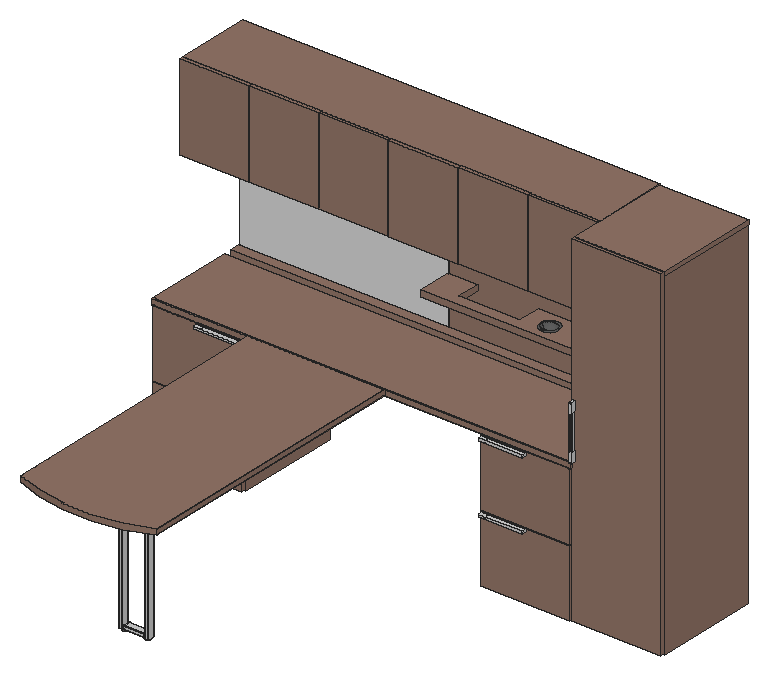
Revit family "FLV004", category Furniture, Revit 2015 (continued)
Definition of nested family "JSI-Flux-Wall_Mount_OH_Cab"
  Lines and regions (in)
    symbolic lines
      curve 13: line (-4.06413, -4.3125, 0) -> (-4.06413, -5.0625, 0)
      curve 14: line (11.81087, -5.0625, 0) -> (11.81087, -4.3125, 0)
      curve 15: line (11.81087, -4.3125, 0) -> (-4.06413, -4.3125, 0)
      curve 16: line (-4.06413, -5.0625, 0) -> (11.81087, -5.0625, 0)
      curve 17: line (11.93587, -4.3125, 0) -> (11.93587, -5.0625, 0)
      curve 18: line (27.81087, -5.0625, 0) -> (27.81087, -4.3125, 0)
      curve 19: line (27.81087, -4.3125, 0) -> (11.93587, -4.3125, 0)
      curve 20: line (11.93587, -5.0625, 0) -> (27.81087, -5.0625, 0)
      curve 21: line (27.93587, -4.3125, 0) -> (27.93587, -5.0625, 0)
      curve 22: line (43.81087, -5.0625, 0) -> (43.81087, -4.3125, 0)
      curve 23: line (43.81087, -4.3125, 0) -> (27.93587, -4.3125, 0)
      curve 24: line (27.93587, -5.0625, 0) -> (43.81087, -5.0625, 0)
      curve 25: line (43.93587, -4.3125, 0) -> (43.93587, -5.0625, 0)
      curve 26: line (59.81087, -5.0625, 0) -> (59.81087, -4.3125, 0)
      curve 27: line (59.81087, -4.3125, 0) -> (43.93587, -4.3125, 0)
      curve 28: line (43.93587, -5.0625, 0) -> (59.81087, -5.0625, 0)
    symbolic lines, detail levels medium+fine
      curve 29: line (-35.31413, 9.1875, 0) -> (59.06087, 9.1875, 0)
      curve 30: line (59.06087, 9.1875, 0) -> (59.06087, 9.9375, 0)
      curve 31: line (59.06087, 9.9375, 0) -> (-35.31413, 9.9375, 0)
      curve 32: line (-35.31413, 9.9375, 0) -> (-35.31413, 9.1875, 0)
      curve 33: line (59.06087, 10.75, 0) -> (59.06087, -4.25, 0)
      curve 34: line (-35.31413, -4.25, 0) -> (-35.31413, 10.75, 0)
    symbolic lines, visible <- "Partition-L", detail levels medium+fine
      curve 35: line (-3.75163, -4.25, 0) -> (-3.75163, 9.1875, 0)
      curve 36: line (-3.75163, 9.1875, 0) -> (-4.50163, 9.1875, 0)
      curve 37: line (-4.50163, 9.1875, 0) -> (-4.50163, -4.25, 0)
      curve 38: line (-4.50163, -4.25, 0) -> (-3.75163, -4.25, 0)
    symbolic lines, visible <- "Partition-R", detail levels medium+fine
      curve 39: line (28.24837, -4.25, 0) -> (28.24837, 9.1875, 0)
      curve 40: line (28.24837, 9.1875, 0) -> (27.49837, 9.1875, 0)
      curve 41: line (27.49837, 9.1875, 0) -> (27.49837, -4.25, 0)
      curve 42: line (27.49837, -4.25, 0) -> (28.24837, -4.25, 0)
  Dimensions and locks (in)
    "Width": plane 2 "Center (Left/Right)" to plane 6
    "Depth": plane 16 to plane 3 "Center (Front/Back)"
    plane 12 to plane 13 to plane 14 to plane 15 = 0' - 0 3/4" locked, 0' - 0 1/16" locked, 0' - 2 3/16" locked
    locked: plane 16 to plane 12 at 0.0625
    locked: plane 2 "Center (Left/Right)" to plane 5 at 0.75
    locked: plane 8 to plane 9 at 0.75
    locked: plane 11 to plane 10 at 0.75
    locked: plane 7 to plane 6 at 0.75
    equal spacing: plane 2 "Center (Left/Right)", plane 17, plane 6
    "Height": plane 23 to plane 18
    "OH Elevation": plane 18 to plane 1
    plane 23 to plane 22 to plane 37 = 0' - 0 3/4" locked, 0' - 5 3/16" locked
    locked: plane 20 to plane 19 at 1.1875
    "Level of Base Shelve": plane 19 to plane 18
    plane 19 to plane 21 to plane 28 = 0' - 0 1/4" locked, 0' - 0 1/4" locked
    locked: plane 24 to plane 4 at 0.0625
    "Partition Distance_L": plane 2 "Center (Left/Right)" to plane 8
    "Partition Distance_R": plane 10 to plane 6
    plane 2 "Center (Left/Right)" to plane 29 = 0' - 0 3/4"
    equal spacing: group 1, group 2, group 5, group 6, group 9, group 10  (x3)
    "Door Width": Extrusion 8 sketch curve to Extrusion 8 sketch curve
    "Door Width": Extrusion 9 sketch curve to Extrusion 9 sketch curve
    equal spacing: group 3, group 4, group 7, group 8, group 11, group 12  (x3)
    "Door Array Distance": Extrusion 8 to Extrusion 9
    "Wiring Hole Dist": plane 2 "Center (Left/Right)" to plane 35
    "Wiring Hole Dist": plane 36 to plane 6
    "Door Width": Extrusion 10 sketch curve to Extrusion 10 sketch curve
    "Door Width": Extrusion 11 sketch curve to Extrusion 11 sketch curve
    plane 24 to plane 25 to plane 3 "Center (Front/Back)" = 0' - 0 3/4" locked, 0' - 0 13/16" locked
    locked: plane 22 to plane 38 at 3
    locked: plane 2 "Center (Left/Right)" to plane 39 at 1.75
    locked: plane 40 to plane 6 at 1.75
    "Door Width": Extrusion 14 sketch curve to Extrusion 14 sketch curve
    "Door Width": Extrusion 15 sketch curve to Extrusion 15 sketch curve
    aligned and locked: level to plane 1
    aligned and locked: Extrusion 1 sketch curve to plane 2 "Center (Left/Right)"
    aligned and locked: Extrusion 1 sketch curve to plane 5
    aligned and locked: Extrusion 1 sketch curve to plane 3 "Center (Front/Back)"
    aligned and locked: Extrusion 1 sketch curve to plane 14
    aligned and locked: Extrusion 2 sketch curve to plane 7
    aligned and locked: Extrusion 2 sketch curve to plane 6
    aligned and locked: Extrusion 2 sketch curve to plane 3 "Center (Front/Back)"
    aligned and locked: Extrusion 2 sketch curve to plane 14
    aligned and locked: plane 22 to Extrusion 1
    aligned and locked: plane 22 to Extrusion 2
    aligned and locked: Extrusion 1 to plane 18
    aligned and locked: Extrusion 2 to plane 18
    aligned and locked: Extrusion 3 sketch curve to plane 22
    aligned and locked: Extrusion 3 sketch curve to plane 23
    aligned and locked: Extrusion 3 sketch curve to plane 2 "Center (Left/Right)"
    aligned and locked: Extrusion 3 sketch curve to plane 6
    aligned and locked: Extrusion 4 sketch curve to plane 20
    aligned and locked: Extrusion 4 sketch curve to plane 19
    aligned and locked: Extrusion 4 sketch curve to plane 5
    aligned and locked: Extrusion 4 sketch curve to plane 7
    aligned and locked: Extrusion 3 to plane 3 "Center (Front/Back)"
    aligned and locked: plane 14 to Extrusion 3
    aligned and locked: Extrusion 4 to plane 24
    aligned and locked: plane 14 to Extrusion 4
    aligned and locked: Extrusion 5 sketch curve to plane 22
    aligned and locked: Extrusion 5 sketch curve to plane 5
    aligned and locked: Extrusion 5 sketch curve to plane 7
    aligned and locked: Extrusion 5 sketch curve to plane 18
    aligned and locked: Extrusion 5 to plane 25
    aligned and locked: plane 24 to Extrusion 5
    aligned and locked: Extrusion 6 sketch curve to plane 8
    aligned and locked: Extrusion 6 sketch curve to plane 9
    aligned and locked: Extrusion 6 sketch curve to plane 24
    aligned and locked: Extrusion 6 sketch curve to plane 14
    aligned and locked: Extrusion 7 sketch curve to plane 11
    aligned and locked: Extrusion 7 sketch curve to plane 10
    aligned and locked: Extrusion 7 sketch curve to plane 24
    aligned and locked: Extrusion 7 sketch curve to plane 14
    aligned and locked: plane 22 to Extrusion 6
    aligned and locked: Extrusion 6 to plane 20
    aligned and locked: plane 22 to Extrusion 7
    aligned and locked: Extrusion 7 to plane 20
    aligned and locked: Extrusion 8 to plane 13
    aligned and locked: plane 12 to Extrusion 8
    aligned and locked: Extrusion 8 to plane 2 "Center (Left/Right)"
    aligned and locked: curve 1 to Extrusion 8
    aligned and locked: curve 2 to Extrusion 9
    aligned and locked: curve 3 to Extrusion 8
    aligned and locked: curve 4 to Extrusion 9
    aligned and locked: curve 5 to Extrusion 8
    aligned and locked: curve 6 to Extrusion 8
    aligned and locked: curve 7 to Extrusion 9
    aligned and locked: curve 8 to Extrusion 9
    aligned and locked: plane 17 to nested 1
    aligned and locked: plane 12 to nested 1
    aligned and locked: curve 9 to plane 2 "Center (Left/Right)"
    aligned and locked: curve 10 to plane 3 "Center (Front/Back)"
    aligned and locked: curve 11 to plane 6
    aligned and locked: curve 12 to plane 14
    aligned and locked: Extrusion 8 to plane 21
    aligned and locked: Extrusion 9 to plane 21
    aligned and locked: curve 13 to Extrusion 10
    aligned and locked: curve 14 to Extrusion 10
    aligned and locked: curve 15 to Extrusion 10
    aligned and locked: curve 16 to Extrusion 10
    aligned and locked: curve 17 to Extrusion 11
    aligned and locked: curve 18 to Extrusion 11
    aligned and locked: curve 19 to Extrusion 11
    aligned and locked: curve 20 to Extrusion 11
    aligned and locked: plane 3 "Center (Front/Back)" to Extrusion 12 sketch curve
    aligned and locked: plane 25 to Extrusion 12 sketch curve
    aligned and locked: plane 22 to Extrusion 12 sketch curve
    aligned and locked: plane 38 to Extrusion 12 sketch curve
    aligned and locked: plane 3 "Center (Front/Back)" to Extrusion 13 sketch curve
    aligned and locked: plane 25 to Extrusion 13 sketch curve
    aligned and locked: plane 38 to Extrusion 13 sketch curve
    aligned and locked: plane 37 to Extrusion 13 sketch curve
    aligned and locked: Extrusion 12 to plane 29
    aligned and locked: Extrusion 13 to plane 39
    aligned and locked: plane 34 to Extrusion 12
    aligned and locked: plane 40 to Extrusion 13
    aligned and locked: plane 34 to plane 7
    aligned and locked: curve 21 to Extrusion 14
    aligned and locked: curve 22 to Extrusion 14
    aligned and locked: curve 23 to Extrusion 14
    aligned and locked: curve 24 to Extrusion 14
    aligned and locked: curve 25 to Extrusion 15
    aligned and locked: curve 26 to Extrusion 15
    aligned and locked: curve 27 to Extrusion 15
    aligned and locked: curve 28 to Extrusion 15
    aligned and locked: curve 29 to Extrusion 5
    aligned and locked: curve 30 to Extrusion 5
    aligned and locked: curve 31 to Extrusion 5
    aligned and locked: curve 32 to Extrusion 5
    aligned and locked: curve 33 to Extrusion 2
    aligned and locked: curve 34 to Extrusion 1
    aligned and locked: curve 35 to Extrusion 6
    aligned and locked: curve 36 to Extrusion 6
    aligned and locked: curve 37 to Extrusion 6
    aligned and locked: curve 38 to Extrusion 6
    aligned and locked: curve 39 to Extrusion 7
    aligned and locked: curve 40 to Extrusion 7
    aligned and locked: curve 41 to Extrusion 7
    aligned and locked: curve 42 to Extrusion 7
    aligned and locked: plane 3 "Center (Front/Back)" to curve 34
    aligned and locked: plane 14 to curve 34
    aligned and locked: plane 14 to curve 33
    aligned and locked: plane 3 "Center (Front/Back)" to curve 33
  Automatic sketch dimensions
    Extrusion 8 sketch curve to Extrusion 8 sketch curve = 1' - 5 1/4"
    Extrusion 9 sketch curve to Extrusion 9 sketch curve = 1' - 5 1/4"
    curve 1 to curve 5 = 1' - 3 7/8"
    curve 6 to curve 3 = 0' - 0 3/4"
    curve 2 to curve 7 = 1' - 3 7/8"
    curve 8 to curve 4 = 0' - 0 3/4"
    Extrusion 10 sketch curve to Extrusion 10 sketch curve = 1' - 5 1/4"
    curve 13 to curve 15 = 1' - 3 7/8"
    curve 16 to curve 14 = 0' - 0 3/4"
    Extrusion 11 sketch curve to Extrusion 11 sketch curve = 1' - 5 1/4"
    curve 17 to curve 19 = 1' - 3 7/8"
    curve 20 to curve 18 = 0' - 0 3/4"
    Extrusion 14 sketch curve to Extrusion 14 sketch curve = 1' - 5 1/4"
    curve 21 to curve 23 = 1' - 3 7/8"
    curve 24 to curve 22 = 0' - 0 3/4"
    Extrusion 15 sketch curve to Extrusion 15 sketch curve = 1' - 5 1/4"
    curve 25 to curve 27 = 1' - 3 7/8"
    curve 28 to curve 26 = 0' - 0 3/4"
  Nested families (in)
    nested 1: "Label 1-16 OH" at (11.87337, -5.0625, 0), type "OH DOORS"
  Definition of nested family "Label 1-16 OH"
    Parameters
      Width = 0' - 1"
      Model Name = "6 Doors"
    Reference planes (in)
      plane 1: y = 0
      plane 2: x = 0
    Text (in)
      label "XX" at (0.00051, -0.12324, 0), shows "Model Name"
Definition of nested family "JSI-Flux-Wall_Mount_Tack_Panel"
  Parameters (values of type "Type Catalog - Wall Mount Tack Board")
    Width = 2' - 4 1/4"
    URL = "www.jsifurniture.com"
    Type Comments = ""
    TAG = ""
    Support Width = if(Width > 3' 3", 2' 6", (if(Width > 2' 9", 2' 0", (if(Width > 2' 0", 1' 6", (if(Width > 1' 6", 1' 0", 0' 7")))))))  # 1' - 6"
    Support Height = if(Height > 3' 5", 0' 7 1/2", if(Height > 2' 8", 0' 11 1/2", 0' 2 1/4"))  # 0' - 2 1/4"
    Support = none
    Series = "FLUX"  # constant formula
    OH Elevation = 2' - 5"
    Model = ""
    Manufacturer = "JSI"  # constant formula
    Keynote = "12500"
    JSI Enviromental Website = "http://www.jsifurniture.com/jsi_sustainability_intro.php"
    Height = 2' - 6"
    Tackboard = none
    Description = "Wall Mount Tack Board"
    Depth = 0' - 1 1/2"
    Chassis = none
    Assembly Code = "E2020200"
  Reference planes (in)
    plane 1: z = 0
    plane 2 "Center (Left/Right)": x = -36.06413
    plane 3 "Center (Front/Back)": y = 10.75
    plane 4: x = -7.81413
    plane 5: y = 10
    plane 6: y = 9.25
    plane 7: x = -21.93913
    plane 8: x = -33.06413
    plane 9: x = -10.81413
    plane 10: z = 59
    plane 11: z = 58.75
    plane 12: z = 55.75
    plane 13: z = 53.5
    plane 14: z = 31.25
    plane 15: z = 33.5
    plane 16: z = 54.25
    plane 17: z = 32
    plane 18: x = -30.93913
    plane 19: x = -12.93913
    plane 20: z = 29
  Forms (in)
    Extrusion 1, solid, material <- "Tackboard"
      sketch origin (0, 0, 0) x (1, 0, 0) y (0, 1, 0)
        loop
          line (-7.81413, 10) -> (-36.06413, 10) -> (-36.06413, 9.25) -> (-7.81413, 9.25) -> (-7.81413, 10)
      from 29 to 58.75
    Extrusion 2, solid, material <- "Chassis"
      sketch origin (0, 0, 0) x (1, 0, 0) y (0, 1, 0)
        loop
          line (-36.06413, 10.75) -> (-36.06413, 10) -> (-33.06413, 10) -> (-33.06413, 10.75) -> (-36.06413, 10.75)
      from 29 to 58.75
    Extrusion 3, solid, material <- "Chassis"
      sketch origin (0, 0, 0) x (1, 0, 0) y (0, 1, 0)
        loop
          line (-10.81413, 10.75) -> (-10.81413, 10) -> (-7.81413, 10) -> (-7.81413, 10.75) -> (-10.81413, 10.75)
      from 29 to 58.75
    Extrusion 4, solid, material <- "Chassis"
      sketch origin (0, 0, 0) x (0, 1, 0) y (0, 0, 1)
        loop
          line (10.75, 58.75) -> (10, 58.75) -> (10, 55.75) -> (10.75, 55.75) -> (10.75, 58.75)
      from -33.06413 to -10.81413
    Extrusion 5, solid, material <- "Support"
      sketch origin (0, 0, 0) x (0, 1, 0) y (0, 0, 1)
        loop
          line (10.75, 54.25) -> (10.75, 55.75) -> (10, 55.75) -> (10, 54.25) -> (10.75, 54.25)
      from -30.93913 to -12.93913
    Extrusion 6, solid, material <- "Support"
      sketch origin (0, 0, 0) x (0, 1, 0) y (0, 0, 1)
        loop
          line (10.75, 54.25) -> (10, 54.25) -> (10, 53.5) -> (10.75, 53.5) -> (10.75, 54.25)
      from -30.93913 to -12.93913
    Extrusion 7, solid, material <- "Support"
      sketch origin (0, 0, 0) x (0, 1, 0) y (0, 0, 1)
        loop
          line (10.75, 33.5) -> (10, 33.5) -> (10, 32) -> (10.75, 32) -> (10.75, 33.5)
      from -30.93913 to -12.93913
    Extrusion 8, solid, material <- "Support"
      sketch origin (0, 0, 0) x (0, 1, 0) y (0, 0, 1)
        loop
          line (10.75, 32) -> (10, 32) -> (10, 31.25) -> (10.75, 31.25) -> (10.75, 32)
      from -30.93913 to -12.93913
  Lines and regions (in)
    symbolic lines
      curve 1: line (-36.06413, 10.75, 0) -> (-36.06413, 9.25, 0)
      curve 2: line (-7.81413, 10.75, 0) -> (-7.81413, 9.25, 0)
      curve 3: line (-7.81413, 10.75, 0) -> (-36.06413, 10.75, 0)
      curve 4: line (-7.81413, 9.25, 0) -> (-36.06413, 9.25, 0)
  Dimensions and locks (in)
    locked: plane 5 to plane 3 "Center (Front/Back)" at 0.75
    "Depth": plane 6 to plane 3 "Center (Front/Back)"
    "Width": plane 2 "Center (Left/Right)" to plane 4
    equal spacing: plane 2 "Center (Left/Right)", plane 7, plane 4
    locked: plane 2 "Center (Left/Right)" to plane 8 at 3
    locked: plane 9 to plane 4 at 3
    plane 10 to plane 11 to plane 12 = 0' - 0 1/4" locked, 0' - 3" locked
    locked: plane 12 to plane 13 at 2.25
    locked: plane 15 to plane 14 at 2.25
    locked: plane 15 to plane 17 at 1.5
    locked: plane 12 to plane 16 at 1.5
    "Support Width": plane 18 to plane 19
    equal spacing: plane 18, plane 7, plane 19
    "OH Elevation": plane 20 to plane 1
    "Height": plane 10 to plane 20
    "Support Height": plane 14 to plane 20
    aligned and locked: level to plane 1
    aligned and locked: Extrusion 1 sketch curve to plane 5
    aligned and locked: Extrusion 1 sketch curve to plane 6
    aligned and locked: Extrusion 1 sketch curve to plane 2 "Center (Left/Right)"
    aligned and locked: Extrusion 1 sketch curve to plane 4
    aligned and locked: plane 11 to Extrusion 1
    aligned and locked: Extrusion 1 to plane 20
    aligned and locked: Extrusion 2 sketch curve to plane 2 "Center (Left/Right)"
    aligned and locked: Extrusion 2 sketch curve to plane 8
    aligned and locked: Extrusion 2 sketch curve to plane 5
    aligned and locked: Extrusion 2 sketch curve to plane 3 "Center (Front/Back)"
    aligned and locked: Extrusion 3 sketch curve to plane 9
    aligned and locked: Extrusion 3 sketch curve to plane 4
    aligned and locked: Extrusion 3 sketch curve to plane 5
    aligned and locked: Extrusion 3 sketch curve to plane 3 "Center (Front/Back)"
    aligned and locked: plane 11 to Extrusion 2
    aligned and locked: plane 11 to Extrusion 3
    aligned and locked: Extrusion 2 to plane 20
    aligned and locked: Extrusion 3 to plane 20
    aligned and locked: plane 11 to Extrusion 4 sketch curve
    aligned and locked: plane 12 to Extrusion 4 sketch curve
    aligned and locked: plane 3 "Center (Front/Back)" to Extrusion 4 sketch curve
    aligned and locked: plane 5 to Extrusion 4 sketch curve
    aligned and locked: Extrusion 4 to plane 8
    aligned and locked: plane 9 to Extrusion 4
    aligned and locked: plane 16 to Extrusion 5 sketch curve
    aligned and locked: plane 12 to Extrusion 5 sketch curve
    aligned and locked: plane 5 to Extrusion 5 sketch curve
    aligned and locked: plane 3 "Center (Front/Back)" to Extrusion 5 sketch curve
    aligned and locked: plane 16 to Extrusion 6 sketch curve
    aligned and locked: plane 13 to Extrusion 6 sketch curve
    aligned and locked: plane 3 "Center (Front/Back)" to Extrusion 6 sketch curve
    aligned and locked: plane 5 to Extrusion 6 sketch curve
    aligned and locked: plane 15 to Extrusion 7 sketch curve
    aligned and locked: plane 17 to Extrusion 7 sketch curve
    aligned and locked: plane 3 "Center (Front/Back)" to Extrusion 7 sketch curve
    aligned and locked: plane 5 to Extrusion 7 sketch curve
    aligned and locked: plane 17 to Extrusion 8 sketch curve
    aligned and locked: plane 14 to Extrusion 8 sketch curve
    aligned and locked: plane 3 "Center (Front/Back)" to Extrusion 8 sketch curve
    aligned and locked: plane 5 to Extrusion 8 sketch curve
    aligned and locked: Extrusion 5 to plane 18
    aligned and locked: Extrusion 6 to plane 18
    aligned and locked: plane 19 to Extrusion 5
    aligned and locked: plane 19 to Extrusion 6
    aligned and locked: Extrusion 8 to plane 18
    aligned and locked: Extrusion 7 to plane 18
    aligned and locked: plane 19 to Extrusion 8
    aligned and locked: plane 19 to Extrusion 7
    aligned and locked: curve 1 to plane 2 "Center (Left/Right)"
    aligned and locked: curve 2 to plane 4
    aligned and locked: curve 3 to plane 3 "Center (Front/Back)"
    aligned and locked: curve 4 to plane 6
Definition of nested family "JSI-Flux-Workwall_Panel"
  Parameters (values of type "Type Catalog - Workwall Panel")
    Width = 3' - 6"
    URL = "www.jsifurniture.com"
    Type Comments = ""
    Tray = if(Tray_V_Dist < Depth, 2 > 1, 1 > 2)  # yes
    Tray_V_Dist = if(L_Bracket, (Depth + 0' 2"), (if(R_Bracket, (Depth + 0' 2"), (if(Acc, Cup Dist, Depth + 0' 2")))))  # 0' - 3 33/64"
    Tr = yes
    TAG = ""
    Support Width = if(Width > 3' 3", 2' 6", (if(Width > 2' 9", 2' 0", (if(Width > 2' 0", 1' 6", (if(Width > 1' 6", 1' 0", 0' 7")))))))  # 2' - 6"
    Support Height = if(Height > 3' 5", 0' 7 1/2", if(Height > 2' 8", 0' 11 1/2", 0' 2 1/4"))  # 0' - 2 1/4"
    Support = none
    Shelf = none
    Series = "FLUX"  # constant formula
    Tray_H_Dist = if(R, (Clip Dist + 0' 10 31/32"), (Clip Dist - 0' 10 31/32"))  # 1' - 0 1/32"
    R_Bracket_V_Dist = if(R_Bracket, 0' 0", Depth + 0' 2")  # 0' - 10 17/32"
    R_Bracket Dist = L_Bracket Dist  # 0' - 5 13/16"
    R_Bracket = no
    OH Elevation = 2' - 5"
    Model = ""
    Manufacturer = "JSI"  # constant formula
    L_Bracket_V_Dist = if(L_Bracket, 0' 0", Depth + 0' 2")  # 0' - 10 17/32"
    L_Bracket = no
    R = no
    Keynote = "12500"
    JSI Enviromental Website = "http://www.jsifurniture.com/jsi_sustainability_intro.php"
    Height = 2' - 0"
    Panel = none
    Description = ""
    Depth = 0' - 8 17/32"
    Cup Dist = if(Acc, 0' 3 33/64", Depth + 0' 2")  # 0' - 3 33/64"
    Cup_H_Dist = if(R, (if(Width > 3' 3", 0' 9", (if(Width > 3' 0", 0' 8", (if(Width > 2' 9", 0' 7", (if(Width > 2' 6", 0' 6", 0' 5")))))))), (if(Width > 3' 3", (Width - 0' 9"), (if(Width > 3' 0", (Width - 0' 8"), (if(Width > 2' 9", (Width - 0' 7"), (if(Width > 2' 6", (Width - 0' 6"), (Width - 0' 5"))))))))))  # 2' - 9"
    Cup = if(Cup Dist < Depth, 2 > 1, 1 > 2)  # yes
    Clip = if(Cup Dist < Depth, 2 > 1, 1 > 2)  # yes
    Chassis = none
    Clip Dist = if(R, ((Cup_H_Dist * 2) + 0' 1"), (Cup_H_Dist - (if(Width > 3' 3", 0' 10", (if(Width > 3' 0", 0' 9", (if(Width > 2' 9", 0' 8", (if(Width > 2' 6", 0' 7", 0' 6"))))))))))  # 1' - 11"
    Bracket Width = 1' - 0 1/4"
    L_Bracket Dist = (if(Width > 3' 3", 0' 5 13/16", (if(Width > 3' 0", 0' 4 13/16", (if(Width > 2' 9", 0' 3 13/16", (if(Width > 2' 6", 0' 2 13/16", 0' 1 13/16"))))))))  # 0' - 5 13/16"
    Bracket Depth = 0' - 4 3/4"
    Assembly Code = "E2020200"
    Accessories = none
    Acc = yes
  Reference planes (in)
    plane 1: z = 0
    plane 2 "Center (Left/Right)": x = -36.06413
    plane 3 "Center (Front/Back)": y = 10.75
    plane 4: x = 5.93587
    plane 5: y = 10
    plane 6: y = 9.25
    plane 7: x = -15.06413
    plane 8: x = -33.06413
    plane 9: x = 2.93587
    plane 10: z = 53
    plane 11: z = 52.5
    plane 12: z = 49.5
    plane 13: z = 47.25
    plane 14: z = 31.25
    plane 15: z = 33.5
    plane 16: z = 48
    plane 17: z = 32
    plane 18: x = -30.06413
    plane 19: x = -0.06413
    plane 20: z = 29
    plane 21: z = 38.28125
    plane 22: z = 39.46875
    plane 23: y = 2.21875
    plane 24: x = -3.06413
    plane 25: x = -13.06413
    plane 26: x = -24.03288
    plane 27: y = 5.73437
    plane 28: x = -28.67351
    plane 29: x = -19.39226
    plane 30: x = -27.04851
    plane 31: x = -21.01726
    plane 32: y = 7.35937
    plane 33: y = 4.10937
    plane 34: y = -6.03125
    plane 35: x = -30.25163
    plane 36: x = -18.00163
    plane 37: x = -12.12663
    plane 38: x = 0.12337
    plane 39: y = -1.28125
    plane 40: y = -6.03125
    plane 41: y = -1.28125
    plane 42: y = 5.73437
  Forms (in)
    Extrusion 1, solid, material <- "Panel"
      sketch origin (0, 0, 0) x (1, 0, 0) y (0, 1, 0)
        loop
          line (5.93587, 10) -> (-36.06413, 10) -> (-36.06413, 9.25) -> (5.93587, 9.25) -> (5.93587, 10)
      from 29 to 52.5
    Extrusion 2, solid, material <- "Chassis"
      sketch origin (0, 0, 0) x (1, 0, 0) y (0, 1, 0)
        loop
          line (-36.06413, 10.75) -> (-36.06413, 10) -> (-33.06413, 10) -> (-33.06413, 10.75) -> (-36.06413, 10.75)
      from 29 to 52.5
    Extrusion 3, solid, material <- "Chassis"
      sketch origin (0, 0, 0) x (1, 0, 0) y (0, 1, 0)
        loop
          line (2.93587, 10.75) -> (2.93587, 10) -> (5.93587, 10) -> (5.93587, 10.75) -> (2.93587, 10.75)
      from 29 to 52.5
    Extrusion 4, solid, material <- "Support"
      sketch origin (0, 0, 0) x (0, 1, 0) y (0, 0, 1)
        loop
          line (10.75, 52.5) -> (10, 52.5) -> (10, 49.5) -> (10.75, 49.5) -> (10.75, 52.5)
      from -33.06413 to 2.93587
    Extrusion 5, solid, material <- "Support"
      sketch origin (0, 0, 0) x (0, 1, 0) y (0, 0, 1)
        loop
          line (10.75, 48) -> (10.75, 49.5) -> (10, 49.5) -> (10, 48) -> (10.75, 48)
      from -30.06413 to -0.06413
    Extrusion 6, solid, material <- "Support"
      sketch origin (0, 0, 0) x (0, 1, 0) y (0, 0, 1)
        loop
          line (10.75, 48) -> (10, 48) -> (10, 47.25) -> (10.75, 47.25) -> (10.75, 48)
      from -30.06413 to -0.06413
    Extrusion 7, solid, material <- "Support"
      sketch origin (0, 0, 0) x (0, 1, 0) y (0, 0, 1)
        loop
          line (10.75, 33.5) -> (10, 33.5) -> (10, 32) -> (10.75, 32) -> (10.75, 33.5)
      from -30.06413 to -0.06413
    Extrusion 8, solid, material <- "Support"
      sketch origin (0, 0, 0) x (0, 1, 0) y (0, 0, 1)
        loop
          line (10.75, 32) -> (10, 32) -> (10, 31.25) -> (10.75, 31.25) -> (10.75, 32)
      from -30.06413 to -0.06413
    Extrusion 9, solid, material <- "Shelf"
      sketch origin (0, 0, 0) x (1, 0, 0) y (0, 1, 0)
        loop
          line (-36.06413, 9.25) -> (-36.06413, 2.21875) -> (5.93587, 2.21875) -> (5.93587, 9.25) -> (-36.06413, 9.25)
      from 38.28125 to 39.46875
    Extrusion 10, void
      sketch origin (0, 0, 0) x (1, 0, 0) y (0, 1, 0)
        loop
          circle (-3.06413, 5.73437) r 1.625
      from 38.28125 to 39.46875
    Extrusion 11, void
      sketch origin (0, 0, 0) x (1, 0, 0) y (0, 1, 0)
        loop
          circle (-13.06413, 5.73437) r 1.625
      from 38.28125 to 39.46875
    Extrusion 12, void
      sketch origin (0, 0, 0) x (1, 0, 0) y (0, 1, 0)
        loop
          line (-21.01726, 7.35937) -> (-27.04851, 7.35937)
          arc (-27.04851, 7.35937) -> (-28.67351, 5.73437) -> (-27.04851, 4.10937) r 1.625
          line (-27.04851, 4.10937) -> (-21.01726, 4.10937)
          arc (-21.01726, 4.10937) -> (-19.39226, 5.73437) -> (-21.01726, 7.35937) r 1.625
      from 38.28125 to 39.46875
    Extrusion 13, void
      sketch origin (0, 0, 0) x (1, 0, 0) y (0, 1, 0)
        loop
          line (-30.25163, -1.28125) -> (-30.25163, -6.03125) -> (-18.00163, -6.03125) -> (-18.00163, -1.28125) -> (-30.25163, -1.28125)
      from 38.28125 to 39.46875
    Extrusion 14, void
      sketch origin (0, 0, 0) x (1, 0, 0) y (0, 1, 0)
        loop
          line (0.12337, -1.28125) -> (-12.12663, -1.28125) -> (-12.12663, -6.03125) -> (0.12337, -6.03125) -> (0.12337, -1.28125)
      from 38.28125 to 39.46875
    Sweep 15, solid, material <- "Accessories", visible <- "Tray"
      path origin (0, 0, 0) x (1, 0, 0) y (0, 1, 0)
        loop
          line (-21.01726, 7.35937) -> (-27.04851, 7.35937)
          arc (-27.04851, 7.35937) -> (-28.67351, 5.73437) -> (-27.04851, 4.10937) r 1.625
          line (-27.04851, 4.10937) -> (-21.01726, 4.10937)
          arc (-21.01726, 4.10937) -> (-19.39226, 5.73437) -> (-21.01726, 7.35937) r 1.625
      profile origin (-24.03288, 7.35937, 0) x (0, -1, 0) y (0, 0, 1)
        loop
          arc (0, 39.46875) -> (0.54949, 38.60245) -> (1.52387, 38.28153) r 1.52225
          line (1.52387, 38.28153) -> (1.52387, 38.34405)
          arc (1.52387, 38.34405) -> (0.58814, 38.65157) -> (0.06075, 39.48346) r 1.45975
          arc (0.06075, 39.48346) -> (-0.08554, 39.59111) -> (-0.21979, 39.46875) r 0.14324
          line (-0.21979, 39.46875) -> (-0.15609, 39.46875)
          arc (-0.15609, 39.46875) -> (-0.07805, 39.5288) -> (0, 39.46875) r 0.08074
    Extrusion 16, solid, material <- "Accessories", visible <- "Tray"
      sketch origin (0, 0, 0) x (1, 0, 0) y (0, 1, 0)
        loop
          arc (-27.04851, 5.83551) -> (-27.14964, 5.73437) -> (-27.04851, 5.63324) r 0.10113
          line (-27.04851, 5.63324) -> (-21.01726, 5.63324)
          arc (-21.01726, 5.63324) -> (-20.91613, 5.73437) -> (-21.01726, 5.83551) r 0.10113
          line (-21.01726, 5.83551) -> (-27.04851, 5.83551)
      from 38.28153 to 38.34405
    Revolve 17, solid, material <- "Accessories", visible <- "Clip"
      sketch origin (163.13476, 5.73437, 48) x (1, 0, 0) y (0, 0, 1)
        loop
          arc (-176.19889, -9.71903) -> (-175.17945, -9.40847) -> (-174.57389, -8.53153) r 1.61904
          arc (-174.57389, -8.53153) -> (-174.49599, -8.47209) -> (-174.41788, -8.53125) r 0.08096
          line (-174.41788, -8.53125) -> (-174.35405, -8.53125)
          arc (-174.35405, -8.53125) -> (-174.4875, -8.40983) -> (-174.63414, -8.51492) r 0.14346
          arc (-174.63414, -8.51492) -> (-175.21733, -9.35873) -> (-176.19889, -9.65648) r 1.55654
          line (-176.19889, -9.65648) -> (-176.19889, -9.71903)
        axis (-176.19889, -8.51492) -> (-176.19889, -9.71903)
      angle from 0 to 360
    Revolve 18, solid, material <- "Accessories", visible <- "Cup"
      sketch origin (163.13476, 5.73437, 48) x (1, 0, 0) y (0, 0, 1)
        loop
          arc (-164.57389, -8.53125) -> (-164.44889, -8.40625) -> (-164.32389, -8.53125) r 0.125
          line (-164.32389, -8.53125) -> (-164.26139, -8.53125)
          arc (-164.26139, -8.53125) -> (-164.44889, -8.34375) -> (-164.63639, -8.53125) r 0.1875
          line (-164.63639, -8.53125) -> (-164.63639, -12.78125)
          arc (-164.63639, -12.78125) -> (-164.6547, -12.82544) -> (-164.69889, -12.84375) r 0.0625
          line (-164.69889, -12.84375) -> (-166.19889, -12.84375) -> (-166.19889, -12.90625) -> (-164.69889, -12.90625)
          arc (-164.69889, -12.90625) -> (-164.6105, -12.86964) -> (-164.57389, -12.78125) r 0.125
          line (-164.57389, -12.78125) -> (-164.57389, -8.53125)
        axis (-166.19889, -8.53125) -> (-166.19889, -12.90625)
      angle from 0 to 360
  Cuts and joins
    Extrusion 10, Extrusion 11, Extrusion 12, Extrusion 13, Extrusion 14 cuts Extrusion 9
  Lines and regions (in)
    symbolic lines
      curve 1: line (-36.06413, 10.75, 0) -> (-36.06413, 9.25, 0)
      curve 2: line (5.93587, 10.75, 0) -> (5.93587, 9.25, 0)
      curve 3: line (5.93587, 10.75, 0) -> (-36.06413, 10.75, 0)
      curve 4: line (5.93587, 9.25, 0) -> (-36.06413, 9.25, 0)
      curve 5: line (-36.06413, 9.25, 0) -> (-36.06413, 2.21875, 0)
      curve 6: line (5.93587, 9.25, 0) -> (5.93587, 2.21875, 0)
      curve 7: line (5.93587, 2.21875, 0) -> (-36.06413, 2.21875, 0)
    symbolic lines, visible <- "Tr"
      curve 8: line (-21.01726, 7.35937, 0) -> (-27.04851, 7.35937, 0)
      curve 9: arc (-27.04851, 7.35937, 0) -> (-28.67351, 5.73437, 0) -> (-27.04851, 4.10937, 0) r 1.625
      curve 10: line (-27.04851, 4.10937, 0) -> (-21.01726, 4.10937, 0)
      curve 11: arc (-21.01726, 4.10937, 0) -> (-19.39226, 5.73437, 0) -> (-21.01726, 7.35937, 0) r 1.625
    symbolic lines, visible <- "Acc"
      curve 12: arc (-11.43913, 5.73437, 0) -> (-13.06413, 7.35937, 0) -> (-14.68913, 5.73437, 0) r 1.625
      curve 13: arc (-14.68913, 5.73437, 0) -> (-13.06413, 4.10937, 0) -> (-11.43913, 5.73437, 0) r 1.625
      curve 14: arc (-1.43913, 5.73437, 0) -> (-3.06413, 7.35937, 0) -> (-4.68913, 5.73437, 0) r 1.625
      curve 15: arc (-4.68913, 5.73437, 0) -> (-3.06413, 4.10937, 0) -> (-1.43913, 5.73437, 0) r 1.625
    symbolic lines, visible <- "L_Bracket"
      curve 16: line (-30.25163, -1.28125, 0) -> (-30.25163, -6.03125, 0)
      curve 17: line (-30.25163, -6.03125, 0) -> (-18.00163, -6.03125, 0)
      curve 18: line (-18.00163, -6.03125, 0) -> (-18.00163, -1.28125, 0)
    symbolic lines, visible <- "R_Bracket"
      curve 19: line (-12.12663, -6.03125, 0) -> (0.12337, -6.03125, 0)
      curve 20: line (0.12337, -6.03125, 0) -> (0.12337, -1.28125, 0)
      curve 21: line (-12.12663, -1.28125, 0) -> (-12.12663, -6.03125, 0)
  Dimensions and locks (in)
    locked: plane 5 to plane 3 "Center (Front/Back)" at 0.75
    "Width": plane 2 "Center (Left/Right)" to plane 4
    equal spacing: plane 2 "Center (Left/Right)", plane 7, plane 4
    locked: plane 2 "Center (Left/Right)" to plane 8 at 3
    locked: plane 9 to plane 4 at 3
    plane 10 to plane 11 to plane 12 = 0' - 0 1/2" locked, 0' - 3" locked
    locked: plane 12 to plane 13 at 2.25
    locked: plane 15 to plane 14 at 2.25
    locked: plane 15 to plane 17 at 1.5
    locked: plane 12 to plane 16 at 1.5
    "Support Width": plane 18 to plane 19
    equal spacing: plane 18, plane 7, plane 19
    "OH Elevation": plane 20 to plane 1
    "Support Height": plane 14 to plane 20
    locked: plane 22 to plane 21 at 1.1875
    locked: plane 6 to plane 5 at 0.75
    "Depth": plane 23 to plane 3 "Center (Front/Back)"
    locked: plane 11 to plane 22 at 13.03125
    plane 28 to plane 26 to plane 29 = 0' - 4 41/64" locked, 0' - 4 41/64" locked
    locked: plane 28 to plane 30 at 1.625
    locked: plane 31 to plane 29 at 1.625
    "Cup_H_Dist": plane 2 "Center (Left/Right)" to plane 24
    "Clip Dist": plane 2 "Center (Left/Right)" to plane 25
    "Tray_H_Dist": plane 2 "Center (Left/Right)" to plane 26
    "Bracket Width": plane 35 to plane 36
    "L_Bracket Dist": plane 2 "Center (Left/Right)" to plane 35
    "Bracket Width": plane 37 to plane 38
    "R_Bracket Dist": plane 38 to plane 4
    locked: plane 33 to plane 32 at 3.25
    "Bracket Depth": plane 34 to plane 39
    "L_Bracket_V_Dist": plane 39 to plane 6
    "Bracket Depth": plane 40 to plane 41
    "R_Bracket_V_Dist": plane 41 to plane 6
    "Cup Dist": plane 27 to plane 6
    locked: plane 42 to plane 32 at 1.625
    "Tray_V_Dist": plane 42 to plane 6
    "Height": plane 10 to plane 20
    Sweep 15 sketch curve to Sweep 15 sketch curve to Sweep 15 sketch curve to Sweep 15 sketch curve to Sweep 15 sketch curve to plane 42 = 0' - 0.06369" locked, 0' - 0.15609" locked, 0' - 0.06075" locked, 0' - 1.46311" locked, 0' - 0.10113" locked
    Sweep 15 sketch curve to Sweep 15 sketch curve to plane 22 to Sweep 15 sketch curve to Sweep 15 sketch curve = 0' - 0 1/16" locked, 0' - 0.06005" locked, 0' - 1.1247" locked, 0' - 0.06252" locked
    Revolve 17 sketch curve to Revolve 17 sketch curve to Revolve 17 sketch curve to Revolve 17 sketch curve to plane 25 = 0' - 0.06382" locked, 0' - 0.15601" locked, 0' - 0.06025" locked, 0' - 1.56475" locked
    Revolve 17 sketch curve to Revolve 17 sketch curve to plane 22 to Revolve 17 sketch curve to Revolve 17 sketch curve = 0' - 0 1/16" locked, 0' - 0.05916" locked, 0' - 1.12523" locked, 0' - 0.06255" locked
    Revolve 18 sketch curve to Revolve 18 sketch curve to Revolve 18 sketch curve to Revolve 18 sketch curve to plane 24 = 0' - 0 1/16" locked, 0' - 0 1/4" locked, 0' - 0 1/16" locked, 0' - 1 9/16" locked
    Revolve 18 sketch curve to Revolve 18 sketch curve to plane 22 to Revolve 18 sketch curve to Revolve 18 sketch curve = 0' - 0 1/16" locked, 0' - 0 1/8" locked, 0' - 4 5/16" locked, 0' - 0 1/16" locked
    radius of Extrusion 10 sketch curve = 0' - 1 5/8"
    radius of Extrusion 11 sketch curve = 0' - 1 5/8"
    radius of Extrusion 12 sketch curve = 0' - 1 5/8"  (x2)
    aligned and locked: level to plane 1
    aligned and locked: Extrusion 1 sketch curve to plane 5
    aligned and locked: Extrusion 1 sketch curve to plane 6
    aligned and locked: Extrusion 1 sketch curve to plane 2 "Center (Left/Right)"
    aligned and locked: Extrusion 1 sketch curve to plane 4
    aligned and locked: plane 11 to Extrusion 1
    aligned and locked: Extrusion 1 to plane 20
    aligned and locked: Extrusion 2 sketch curve to plane 2 "Center (Left/Right)"
    aligned and locked: Extrusion 2 sketch curve to plane 8
    aligned and locked: Extrusion 2 sketch curve to plane 5
    aligned and locked: Extrusion 2 sketch curve to plane 3 "Center (Front/Back)"
    aligned and locked: Extrusion 3 sketch curve to plane 9
    aligned and locked: Extrusion 3 sketch curve to plane 4
    aligned and locked: Extrusion 3 sketch curve to plane 5
    aligned and locked: Extrusion 3 sketch curve to plane 3 "Center (Front/Back)"
    aligned and locked: plane 11 to Extrusion 2
    aligned and locked: plane 11 to Extrusion 3
    aligned and locked: Extrusion 2 to plane 20
    aligned and locked: Extrusion 3 to plane 20
    aligned and locked: plane 11 to Extrusion 4 sketch curve
    aligned and locked: plane 12 to Extrusion 4 sketch curve
    aligned and locked: plane 3 "Center (Front/Back)" to Extrusion 4 sketch curve
    aligned and locked: plane 5 to Extrusion 4 sketch curve
    aligned and locked: Extrusion 4 to plane 8
    aligned and locked: plane 9 to Extrusion 4
    aligned and locked: plane 16 to Extrusion 5 sketch curve
    aligned and locked: plane 12 to Extrusion 5 sketch curve
    aligned and locked: plane 5 to Extrusion 5 sketch curve
    aligned and locked: plane 3 "Center (Front/Back)" to Extrusion 5 sketch curve
    aligned and locked: plane 16 to Extrusion 6 sketch curve
    aligned and locked: plane 13 to Extrusion 6 sketch curve
    aligned and locked: plane 3 "Center (Front/Back)" to Extrusion 6 sketch curve
    aligned and locked: plane 5 to Extrusion 6 sketch curve
    aligned and locked: plane 15 to Extrusion 7 sketch curve
    aligned and locked: plane 17 to Extrusion 7 sketch curve
    aligned and locked: plane 3 "Center (Front/Back)" to Extrusion 7 sketch curve
    aligned and locked: plane 5 to Extrusion 7 sketch curve
    aligned and locked: plane 17 to Extrusion 8 sketch curve
    aligned and locked: plane 14 to Extrusion 8 sketch curve
    aligned and locked: plane 3 "Center (Front/Back)" to Extrusion 8 sketch curve
    aligned and locked: plane 5 to Extrusion 8 sketch curve
    aligned and locked: Extrusion 5 to plane 18
    aligned and locked: Extrusion 6 to plane 18
    aligned and locked: plane 19 to Extrusion 5
    aligned and locked: plane 19 to Extrusion 6
    aligned and locked: Extrusion 8 to plane 18
    aligned and locked: Extrusion 7 to plane 18
    aligned and locked: plane 19 to Extrusion 8
    aligned and locked: plane 19 to Extrusion 7
    aligned and locked: curve 1 to plane 2 "Center (Left/Right)"
    aligned and locked: curve 2 to plane 4
    aligned and locked: curve 3 to plane 3 "Center (Front/Back)"
    aligned and locked: curve 4 to plane 6
    aligned and locked: Extrusion 9 sketch curve to plane 2 "Center (Left/Right)"
    aligned and locked: Extrusion 9 sketch curve to plane 23
    aligned and locked: Extrusion 9 sketch curve to plane 6
    aligned and locked: Extrusion 9 sketch curve to plane 4
    aligned and locked: plane 22 to Extrusion 9
    aligned and locked: Extrusion 9 to plane 21
    aligned and locked: curve 5 to plane 2 "Center (Left/Right)"
    aligned and locked: curve 6 to plane 4
    aligned and locked: curve 7 to plane 23
    aligned and locked: Extrusion 12 sketch curve to plane 33
    aligned and locked: plane 22 to Extrusion 10
    aligned and locked: plane 22 to Extrusion 11
    aligned and locked: plane 22 to Extrusion 12
    aligned and locked: Extrusion 10 to plane 21
    aligned and locked: Extrusion 11 to plane 21
    aligned and locked: Extrusion 12 to plane 21
    aligned and locked: Extrusion 13 sketch curve to plane 34
    aligned and locked: Extrusion 14 sketch curve to plane 37
    aligned and locked: Extrusion 14 sketch curve to plane 38
    aligned and locked: plane 22 to Extrusion 14
    aligned and locked: Extrusion 14 to plane 21
    aligned and locked: Extrusion 13 to plane 39
    aligned and locked: Extrusion 13 sketch curve to plane 35
    aligned and locked: Extrusion 13 sketch curve to plane 36
    aligned and locked: Extrusion 13 sketch curve to plane 39
    aligned and locked: Extrusion 14 sketch curve to plane 41
    aligned and locked: Extrusion 14 sketch curve to plane 40
    aligned and locked: curve 9 to Extrusion 12
    aligned and locked: curve 11 to Extrusion 12
    aligned and locked: curve 12 to Extrusion 11
    aligned and locked: curve 13 to Extrusion 11
    aligned and locked: curve 14 to Extrusion 10
    aligned and locked: curve 15 to Extrusion 10
    aligned and locked: curve 16 to Extrusion 13
    aligned and locked: curve 17 to Extrusion 13
    aligned and locked: curve 18 to Extrusion 13
    aligned and locked: curve 19 to Extrusion 14
    aligned and locked: curve 20 to Extrusion 14
    aligned and locked: curve 21 to Extrusion 14
    aligned and locked: plane 41 to curve 21
    aligned and locked: plane 41 to curve 20
    aligned and locked: plane 22 to Extrusion 13
    aligned and locked: Extrusion 13 to plane 21
    aligned and locked: plane 39 to curve 16
    aligned and locked: plane 39 to curve 18
    aligned and locked: Sweep 15 sketch curve to curve 9
    aligned and locked: Sweep 15 sketch curve to curve 11
    aligned and locked: Sweep 15 sketch curve to plane 22
    aligned and locked: Extrusion 16 sketch curve to Sweep 15  (x2)
    aligned and locked: Extrusion 16 to Sweep 15  (x2)
    aligned and locked: Revolve 17 sketch curve to plane 22
    aligned and locked: Revolve 17 sketch curve to plane 25  (x2)
    aligned and locked: Revolve 18 sketch curve to plane 24  (x2)
    aligned and locked: Revolve 18 sketch curve to plane 22
  Automatic sketch dimensions
    Extrusion 10 sketch curve to plane 24 = 0' - 0"
    plane 27 to Extrusion 10 sketch curve = 0' - 0"
    Extrusion 11 sketch curve to plane 25 = 0' - 0"
    plane 27 to Extrusion 11 sketch curve = 0' - 0"
    Extrusion 12 sketch curve to plane 30 = 0' - 0"
    Extrusion 12 sketch curve to plane 31 = 0' - 0"
    Sweep 15 sketch curve to Sweep 15 sketch curve = 0' - 0"  (x4)
    Revolve 17 sketch curve to Revolve 17 sketch curve = 0' - 0"  (x3)
    plane 25 to Revolve 17 sketch curve = 0' - 0.06418"
    Revolve 17 sketch curve to level = 1' - 0"
    plane 10 to Revolve 17 sketch curve = 3' - 7"
    Revolve 18 sketch curve to Revolve 18 sketch curve = 0' - 0 1/16"
    Revolve 18 sketch curve to Revolve 18 sketch curve = 0' - 0"
    Revolve 18 sketch curve to level = 1' - 0"
    plane 10 to Revolve 18 sketch curve = 3' - 7"
Definition of nested family "JSI-Flux-Wb_Pm_Ht"
  Parameters (values of type "Type Catalog - Wb, Pm Ht")
    W = no
    V_Void_Dist = if(F, 0' 0", (if(W, (if(F7, (if(Width > 1' 7", 0' 0", 0' 2")), 0' 2")), 0' 2")))  # 0' - 0"
    V_Pull_Width = if(Height > 5' 10", 1' 2 27/32", 0' 10 27/32")  # 1' - 2 27/32"
    V_Pull_R_R = if(FD, (if(L, 1 > 2, 2 > 1)), (if(F, 1 > 2, (if(W, 1 > 2, 2 > 1)))))  # no
    V_Pull_R_L = if(FD, (if(L, 2 > 1, 1 > 2)), (if(F, (if(F0, (if(L, 1 > 2, 2 > 1)), 2 > 1)), 1 > 2)))  # yes
    V_Pull_L_R = if(FD, 1 > 2, (if(F, (if(F0, (if(L, 2 > 1, 1 > 2)), 2 > 1)), (if(W, (if(L, 1 > 2, (if(Width > 2' 1", 1 > 2, (if(F0, 1 > 2, 2 > 1)))))), 1 > 2)))))  # no
    V_Pull_L_L = if(FD, 1 > 2, (if(F, 1 > 2, (if(W, (if(Width > 2' 1", (if(F0, 1 > 2, 2 > 1)), (if(L, (if(F0, 1 > 2, 2 > 1)), 1 > 2)))), 2 > 1)))))  # no
    Top_V_Void_Dist = if(W, (if(Width > 2' 1", 0' 0", 0' 2")), 0' 2")  # 0' - 2"
    Top_Pull_Dist = if(W, (if(Width > 2' 1", (if(F7, ((Width / 2) - 0' 0 7/32" - Pull_Width), ((Width / 2) - (Pull_Width / 2)))), (if(F0, (if(F1, ((Width / 2) - (Pull_Width / 2)), (if(F2, ((Width / 2) - (Pull_Width / 2)), (if(L, (0' 0 1/4" + 0' 0 1/16"), (Width - 0' 0 1/4" - 0' 0 1/16" - Pull_Width))))))), (if(L, (0' 0 1/4" + 0' 0 1/16"), (Width - 0' 0 1/4" - 0' 0 1/16" - Pull_Width))))))), (if(L, Partition Dist + 0' 0 1/16" + 0' 0 7/32", Partition Dist + 0' 0 11/16" - 0' 0 7/32" - Pull_Width)))  # 0' - 0 29/32"
    Top_Pull = if(F1, 2 > 1, (if(F2, 2 > 1, (if(F7, 2 > 1, 1 > 2)))))  # yes
    Top_2_Pull_Dist = if(W, (if(F7, (if(Width > 1' 6", ((Width / 2) + 0' 0 1/16" + 0' 0 7/32"), Width + 0' 2")), Width + 0' 2")), Width + 0' 2")  # 1' - 8 1/16"
    Top_2_Pull = if(W, (if(F7, (if(Width > 2' 1", 2 > 1, 1 > 2)), 1 > 2)), 1 > 2)  # no
    R_Vertical_Pull_Dist = if(FD, (if(L, 0' 0 1/32" + 0' 0 1/16" + 0' 0 7/32", (Width - 0' 0 1/32" - 0' 0 1/16" - 0' 0 7/32"))), L_Vertical_Pull_Dist + 0' 0 7/16" + 0' 0 1/8")  # 1' - 0 5/16"
    Pull_Width = if(Width > 2' 1", (if(F7, 0' 10 27/32", 1' 2 3/4")), 0' 10 27/32")  # 0' - 10 27/32"
    Partition = if(FD, 1 > 2, (if(W, 1 > 2, 2 > 1)))  # yes
    L_Vertical_Pull_Dist = (if(W, (if(Width > 2' 1", ((Width / 2) + 0' 0 1/16" + 0' 0 7/32"), (if(L, 0' 0 1/16" + 0' 0 7/32", Width - 0' 0 1/16" - 0' 0 7/32")))), (if(L, Partition Dist - 0' 0 7/32" - 0' 0 1/16", Partition Dist + 0' 0 3/4" - 0' 0 7/32" - 0' 0 1/16"))))  # 0' - 11 3/4"
    Hngr_R = if(W, 1 > 2, (if(FD, 1 > 2, (if(L, 2 > 1, 1 > 2)))))  # no
    Hngr_L = if(W, 1 > 2, (if(FD, 1 > 2, (if(L, 1 > 2, 2 > 1)))))  # yes
    Hanger_Dist = if(L, Partition Dist + 0' 0 3/4", Partition Dist)  # 0' - 11 9/32"
    H_Void_Width = if(F, Top_Shelf_Width + 0' 1 1/2", Width)  # 1' - 0"
    H_Void_Upper_Dist = if(F0, 0' 0", 0' 2")  # 0' - 0"
    H_Void_Top_Dist = if(FD, 0' 2", 0' 0")  # 0' - 0"
    H_Void_H_Dist = if(F, (if(L, Partition Dist + 0' 0 1/16", 0' 0")), 0' 0")  # 0' - 0"
    H_Void_C_Dist = if(F1, 0' 0", 0' 2")  # 0' - 0"
    H_Void_Bottom_Dist = if(F1, 0' 0", (if(F2, 0' 0", 0' 2")))  # 0' - 0"
    H_Dist_V_Void = if(F, (if(L, Partition Dist - 0' 0 1/16", Partition Dist + 0' 0 3/4" - 0' 0 1/16")), (Width / 2) - 0' 0 1/16")  # 0' - 11 31/32"
    H_Dist_C_Panel = if(F, (if(L, Partition Dist - 0' 0 1/32", 0' 0")), 0' 0")  # 0' - 0"
    Top_Shelf_Width = C_Shelf_Width  # 0' - 10 1/2"
    Top_Shelf_Dist = (Height - 0' 0 5/16" - 0' 1 1/2" - 0' 1 3/16") / 4.75  # 1' - 4.46711"
    Top_Shelf_Array_Dist = (Height - 0' 0 5/16" - 0' 1 1/2" - 0' 1 3/16") / 5.5  # 1' - 2.22159"
    Top = none
    Width = 1' - 6 1/16"
    URL = "www.jsifurniture.com"
    Type Comments = ""
    TAG = if(FD, "1Door", (if(F1, "BBF", (if(F2, "FF", (if(Width < 2' 1", "1 Door", "2 Doors")))))))  # "BBF"
    Shelf = none
    Series = "FLUX"  # constant formula
    Pull Finish = none
    Partition Dist = if(L, 0' 6 1/32", Width - 0' 6 1/32" - 0' 0 3/4")  # 0' - 11 9/32"
    Model = ""
    Manufacturer = "JSI"  # constant formula
    L = no
    Keynote = "12500"
    JSI Enviromental Website = "http://www.jsifurniture.com/jsi_sustainability_intro.php"
    Height = 6' - 9 7/32"
    H_Dist_Top_Shelf = if(F, (if(L, Partition Dist + 0' 0 3/4", 0' 0 3/4" + 0' 0 1/32")), 0' 0 3/4" + 0' 0 1/32")  # 0' - 0 25/32"
    H_Dist_Bottom_Shelf = if(F, (if(L, 0' 0", Width - Bottom_Shelf_Width - 0' 0 1/16" - 0' 1 1/2")), 0' 0")  # 0' - 11 1/4"
    Glides = none
    FD = no
    F7 = yes
    F2 = yes
    F1 = yes
    F0 = yes
    F = yes
    Door Line = if(W, (if(Width > 2' 1", (if(F0, (if(F7, 2 > 1, 1 > 2)), 2 > 1)), 1 > 2)), 1 > 2)  # no
    C_Shelf_Width = if(F, Width - 0' 6 1/32" - 0' 1 1/2" - 0' 0 1/32", Width - 0' 0 1/16" - 0' 1 1/2")  # 0' - 10 1/2"
    C_Pull_Dist = Top_Pull_Dist  # 0' - 0 29/32"
    C_Pull = if(F1, 2 > 1, 1 > 2)  # yes
    Bottom_Shelf_Width = if(F, 0' 5 1/4", (Width - 0' 0 1/16" - 0' 1 1/2"))  # 0' - 5 1/4"
    Bottom_Shelf_ Dist = if(FD, 1' 7", 2' 1")  # 2' - 1"
    Bottom_Pull_Dist = Top_Pull_Dist  # 0' - 0 29/32"
    Bottom Pull = if(F1, 2 > 1, (if(F2, 2 > 1, 1 > 2)))  # yes
    Back Panel = none
    Door Front = none
    Description = ""
    Depth = 1' - 9 13/16"
    Chassis = none
    Assembly Code = "E2020200"
    # of Top Shelf = if(Height > 5' 10", 3, 2)  # 3
  Reference planes (in)
    plane 1: z = 0
    plane 2 "Center (Left/Right)": x = -36.06413
    plane 3 "Center (Front/Back)": y = 10.75
    plane 4: x = -18.00163
    plane 5: x = -36.03288
    plane 6: x = -18.03288
    plane 7: y = 10.71875
    plane 8: y = -10.28125
    plane 9: x = -35.28288
    plane 10: x = -18.78288
    plane 11: x = -27.03288
    plane 12: z = 81.21875
    plane 13: z = 0.3125
    plane 14: z = 1.5
    plane 15: z = 2.25
    plane 16: z = 80.46875
    plane 17: y = 10.65625
    plane 18: y = 9.90625
    plane 19: y = 5.90625
    plane 20: y = -10.25
    plane 21: y = -6.25
    plane 22: x = -34.28288
    plane 23: x = -19.78288
    plane 24: y = -9.25
    plane 25: y = 8.90625
    plane 26: y = -11.0625
    plane 27: z = 0.4375
    plane 28: x = -35.97038
    plane 29: x = -18.09538
    plane 30: x = -27.09538
    plane 31: x = -26.97038
    plane 32: z = 81.09375
    plane 33: z = 26.5
    plane 34: z = 27.25
    plane 35: z = 14.375
    plane 36: z = 14.75
    plane 37: z = 14
    plane 38: z = 68.46875
    plane 39: z = 67.71875
    plane 40: y = -10.3125
    plane 41: y = -10.3125
    plane 42: y = -11.3125
    plane 43: y = -10.3125
    plane 44: y = -11.3125
    plane 45: y = -10.3125
    plane 46: y = -11.3125
    plane 47: y = -10.3125
    plane 48: y = -11.3125
    plane 49: z = 26.9375
    plane 50: z = 27.0625
    plane 51: z = 1.625
    plane 52: z = 14.28125
    plane 53: z = 14.34375
    plane 54: z = 14.21875
    plane 55: x = -24.78288
    plane 56: x = -24.03288
    plane 57: x = -24.09538
    plane 58: x = -23.97038
    plane 59: z = 20.64063
    plane 60: z = 20.70313
    plane 61: z = 20.57813
    plane 62: x = -36.06413
    plane 63: x = -24.06413
    plane 64: y = -10.3125
    plane 65: y = -11.3125
    plane 66: x = -24.78288
    plane 67: y = -0.15625
    plane 68: z = 77.59375
    plane 69: x = -35.15788
    plane 70: x = -35.15788
    plane 71: x = -35.15788
    plane 72: z = 26.73438
    plane 73: z = 20.375
    plane 74: z = 14.01563
    plane 75: x = -24.31413
    plane 76: x = -23.75163
    plane 77: z = 40.76563
    plane 78: x = -16.00163
    plane 79: y = -12.3125
    plane 80: y = -13.3125
  Forms (in)
    Extrusion 1, solid, material <- "Chassis"
      sketch origin (0, 0, 0) x (1, 0, 0) y (0, 1, 0)
        loop
          line (-36.03288, 10.71875) -> (-36.03288, -10.25) -> (-35.28288, -10.25) -> (-35.28288, 10.71875) -> (-36.03288, 10.71875)
      from 0.3125 to 80.46875
    Extrusion 2, solid, material <- "Chassis"
      sketch origin (0, 0, 0) x (1, 0, 0) y (0, 1, 0)
        loop
          line (-18.03288, 10.71875) -> (-18.78288, 10.71875) -> (-18.78288, -10.25) -> (-18.03288, -10.25) -> (-18.03288, 10.71875)
      from 0.3125 to 80.46875
    Extrusion 3, solid, material <- "Back Panel"
      sketch origin (0, 0, 0) x (1, 0, 0) y (0, 1, 0)
        loop
          line (-18.78288, 10.65625) -> (-35.28288, 10.65625) -> (-35.28288, 9.90625) -> (-18.78288, 9.90625) -> (-18.78288, 10.65625)
      from 0.3125 to 80.46875
    Extrusion 4, solid, material <- "Top"
      sketch origin (0, 0, 0) x (0, 1, 0) y (0, 0, 1)
        loop
          line (10.75, 81.21875) -> (-10.28125, 81.21875) -> (-10.28125, 80.46875) -> (10.75, 80.46875) -> (10.75, 81.21875)
      from -36.06413 to -18.00163
    Extrusion 5, solid, material <- "Chassis"
      sketch origin (0, 0, 0) x (0, 1, 0) y (0, 0, 1)
        loop
          line (9.90625, 1.5) -> (5.90625, 1.5) -> (5.90625, 0.3125) -> (9.90625, 0.3125) -> (9.90625, 1.5)
      from -35.28288 to -18.78288
    Extrusion 6, solid, material <- "Chassis"
      sketch origin (0, 0, 0) x (0, 1, 0) y (0, 0, 1)
        loop
          line (-6.25, 1.5) -> (-10.25, 1.5) -> (-10.25, 0.3125) -> (-6.25, 0.3125) -> (-6.25, 1.5)
      from -35.28288 to -18.78288
    Extrusion 7, solid, material <- "Shelf"
      sketch origin (0, 0, 0) x (0, 1, 0) y (0, 0, 1)
        loop
          line (9.90625, 1.5) -> (9.90625, 2.25) -> (-10.25, 2.25) -> (-10.25, 1.5) -> (9.90625, 1.5)
      from -35.28288 to -18.78288
    Extrusion 8, solid, material <- "Glides"
      sketch origin (0, 0, 0) x (1, 0, 0) y (0, 1, 0)
        loop
          circle (-34.28288, 8.90625) r 0.5
      from 0 to 0.3125
    Extrusion 9, solid, material <- "Glides"
      sketch origin (0, 0, 0) x (1, 0, 0) y (0, 1, 0)
        loop
          circle (-19.78288, 8.90625) r 0.5
      from 0 to 0.3125
    Extrusion 10, solid, material <- "Glides"
      sketch origin (0, 0, 0) x (1, 0, 0) y (0, 1, 0)
        loop
          circle (-34.28288, -9.25) r 0.5
      from 0 to 0.3125
    Extrusion 11, solid, material <- "Glides"
      sketch origin (0, 0, 0) x (1, 0, 0) y (0, 1, 0)
        loop
          circle (-19.78288, -9.25) r 0.5
      from 0 to 0.3125
    Extrusion 12, solid, material <- "Shelf"
      sketch origin (0, 0, 0) x (1, 0, 0) y (0, 0, 1)
        loop
          line (-35.28288, 26.5) -> (-24.78288, 26.5) -> (-24.78288, 27.25) -> (-35.28288, 27.25) -> (-35.28288, 26.5)
      from -9.90625 to 10.25
    Extrusion 13, solid, material <- "Shelf"
      sketch origin (2.625, 0, 0) x (1, 0, 0) y (0, 0, 1)
        loop
          line (-26.65788, 14) -> (-21.40788, 14) -> (-21.40788, 14.75) -> (-26.65788, 14.75) -> (-26.65788, 14)
      from -9.90625 to 10.25
    Extrusion 14, solid, material <- "Shelf"
      sketch origin (-1, 0, -3.71711) x (1, 0, 0) y (0, 0, 1)
        loop
          line (-34.28288, 68.46875) -> (-34.28288, 67.71875) -> (-23.78288, 67.71875) -> (-23.78288, 68.46875) -> (-34.28288, 68.46875)
      from -9.90625 to 9.25
    Extrusion 15, solid, material <- "Shelf"
      sketch origin (-1, 0, -17.9387) x (1, 0, 0) y (0, 0, 1)
        loop
          line (-34.28288, 68.46875) -> (-34.28288, 67.71875) -> (-23.78288, 67.71875) -> (-23.78288, 68.46875) -> (-34.28288, 68.46875)
      from -9.90625 to 9.25
    Extrusion 16, solid, material <- "Shelf"
      sketch origin (-1, 0, -32.16029) x (1, 0, 0) y (0, 0, 1)
        loop
          line (-34.28288, 68.46875) -> (-34.28288, 67.71875) -> (-23.78288, 67.71875) -> (-23.78288, 68.46875) -> (-34.28288, 68.46875)
      from -9.90625 to 9.25
    Extrusion 17, solid, material <- "Door Front"
      sketch origin (0, 0, 0) x (1, 0, 0) y (0, 1, 0)
        loop
          line (-35.97038, -10.3125) -> (-35.97038, -11.0625) -> (-18.09538, -11.0625) -> (-18.09538, -10.3125) -> (-35.97038, -10.3125)
      from 0.4375 to 81.09375
    Extrusion 18, solid, material <- "Chassis", visible <- "Partition"
      sketch origin (0, 0, 0) x (1, 0, 0) y (0, 1, 0)
        loop
          line (-24.78288, 9.90625) -> (-24.78288, -10.25) -> (-24.03288, -10.25) -> (-24.03288, 9.90625) -> (-24.78288, 9.90625)
      from 2.25 to 80.46875
    Extrusion 19, void
      sketch origin (0, 0, 0) x (1, 0, 0) y (0, 1, 0)
        loop
          line (-24.09538, -10.3125) -> (-24.09538, -11.3125) -> (-23.97038, -11.3125) -> (-23.97038, -10.3125) -> (-24.09538, -10.3125)
      from 0.3125 to 81.21875
    Extrusion 20, void
      sketch origin (0, 0, 0) x (1, 0, 0) y (0, 0, 1)
        loop
          line (-36.06413, 26.9375) -> (-24.06413, 26.9375) -> (-24.06413, 27.0625) -> (-36.06413, 27.0625) -> (-36.06413, 26.9375)
      from 10.3125 to 11.3125
    Extrusion 21, void
      sketch origin (0, 0, 0) x (1, 0, 0) y (0, 0, 1)
        loop
          line (-36.06413, 20.70313) -> (-36.06413, 20.57813) -> (-24.06413, 20.57813) -> (-24.06413, 20.70313) -> (-36.06413, 20.70313)
      from 10.3125 to 11.3125
    Extrusion 22, void
      sketch origin (0, 0, 0) x (1, 0, 0) y (0, 0, 1)
        loop
          line (-36.06413, 14.34375) -> (-36.06413, 14.21875) -> (-24.06413, 14.21875) -> (-24.06413, 14.34375) -> (-36.06413, 14.34375)
      from 10.3125 to 11.3125
    Extrusion 23, void
      sketch origin (0, 0, 0) x (1, 0, 0) y (0, 0, 1)
        loop
          line (-36.06413, 81.21875) -> (-36.06413, 27.0625) -> (-24.06413, 27.0625) -> (-24.06413, 81.21875) -> (-36.06413, 81.21875)
      from 10.3125 to 11.3125
    Extrusion 24, void
      sketch origin (0, 0, 0) x (1, 0, 0) y (0, 1, 0)
        loop
          line (-24.09538, -12.3125) -> (-24.09538, -13.3125) -> (-23.97038, -13.3125) -> (-23.97038, -12.3125) -> (-24.09538, -12.3125)
      from 26.9375 to 81.21875
  Cuts and joins
    Extrusion 19, Extrusion 20, Extrusion 21, Extrusion 22, Extrusion 23, Extrusion 24 cuts Extrusion 17
  Lines and regions (in)
    symbolic lines
      curve 1: line (-36.06413, 10.75, 0) -> (-36.06413, -10.28125, 0)
      curve 2: line (-18.00163, 10.75, 0) -> (-36.06413, 10.75, 0)
      curve 3: line (-18.00163, -10.28125, 0) -> (-36.06413, -10.28125, 0)
      curve 4: line (-18.00163, 10.75, 0) -> (-18.00163, -10.28125, 0)
      curve 15: line (-35.97038, -10.3125, 0) -> (-35.97038, -11.0625, 0)
      curve 16: line (-18.09538, -10.3125, 0) -> (-23.97038, -10.3125, 0)
      curve 17: line (-18.09538, -11.0625, 0) -> (-23.97038, -11.0625, 0)
      curve 18: line (-18.09538, -10.3125, 0) -> (-18.09538, -11.0625, 0)
      curve 21: line (-24.09538, -10.3125, 0) -> (-35.97038, -10.3125, 0)
      curve 22: line (-24.09538, -11.0625, 0) -> (-35.97038, -11.0625, 0)
    symbolic lines, detail levels medium+fine
      curve 5: line (-36.03288, 10.71875, 0) -> (-36.03288, -10.25, 0)
      curve 6: line (-35.28288, 10.71875, 0) -> (-35.28288, -10.25, 0)
